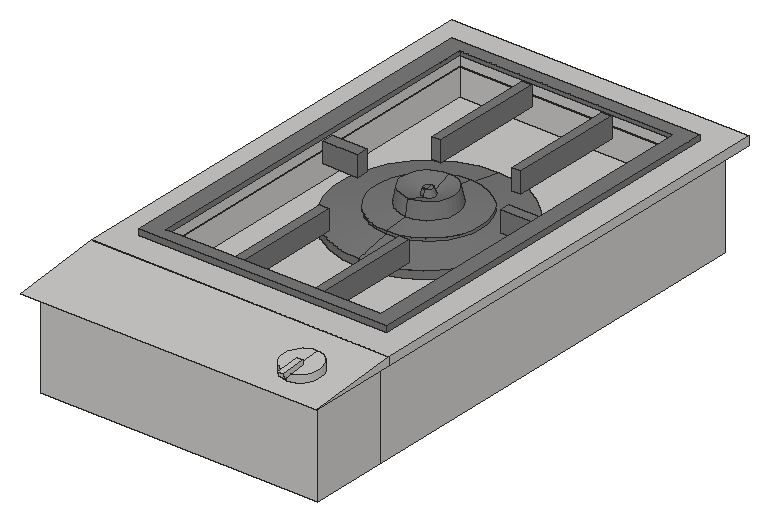
Revit family "VG231220CA", category Generic Models, Revit 2014
Parameters (values of type "VG231220CA")
  Width = 288 mm
  URL = "http://www.gaggenau.com."
  Model = "VG231220CA"
  Manufacturer = "Gaggenau"
  Height = 96.5 mm
  Unit = Metal Panel
  Description = "Gaggenau Vario 200 Series gas wok burner"
  Depth = 523 mm
  Burner = Black
Reference planes
  plane 1 "Center (Front/Back)": y = 0
  plane 2: z = 0
  plane 3 "Center (Left/Right)": x = 0
  plane 4: x = -144
  plane 5: x = 144
  plane 6: y = 261.5
  plane 7: y = -261.5
  plane 8: z = 96.5
  plane 9: z = 88
Forms (mm)
  Extrusion 1, solid, material "Metal Panel" <- "Unit"
    sketch origin (0, 0, 0) x (1, 0, 0) y (0, 1, 0)
      loop
        line (-144, 261.5) -> (-144, -174.435) -> (144, -174.435) -> (144, 261.5) -> (-144, 261.5)
      loop
        line (-104, 221.5) -> (-104, -134.435) -> (104, -134.435) -> (104, 221.5) -> (-104, 221.5)
    from 88 to 96.5
  Extrusion 2, solid, material "Metal Panel" <- "Unit"
    sketch origin (0, 0, 0) x (0, 1, 0) y (0, 0, 1)
      loop
        line (-174.435, 96.5) -> (-261.5, 88) -> (-174.435, 88) -> (-174.435, 96.5)
    from -144 to 144
  Extrusion 3, solid, material "Metal Panel" <- "Unit"
    sketch origin (0, 0, 0) x (0, 1, 0) y (0, 0, 1)
      loop
        line (-174.435, 88) -> (-174.435, 0) -> (243.918, 0) -> (243.918, 88) -> (-174.435, 88)
    from -133.509 to 134.942
  Extrusion 4, solid, material "Metal Panel" <- "Unit"
    sketch origin (0, 0, 0) x (0, 1, 0) y (0, 0, 1)
      loop
        line (-174.435, 0) -> (-174.435, 88) -> (-249.536, 88) -> (-249.536, 0) -> (-174.435, 0)
    from -133.509 to 134.942
  Extrusion 5, void
    sketch origin (0, 0, 0) x (1, 0, 0) y (0, 1, 0)
      loop
        line (-104, 221.5) -> (-104, -134.435) -> (104, -134.435) -> (104, 221.5) -> (-104, 221.5)
    from 60.845 to 131.994
  Revolve 6, solid, material "Black" <- "Burner"
    sketch origin (0, 0, 7.5) x (0, 1, 0) y (0, 0, 1)
      loop
        line (78.328, 86.511) -> (59.819, 79.775) -> (57.807, 85.303) -> (53.717, 85.303) -> (53.717, 52.726) -> (138.937, 52.726) -> (138.937, 60.845) -> (104.468, 66.922) -> (104.468, 69.377) -> (80.913, 71.853) -> (78.328, 86.511)
      axis (53.717, 52.726) -> (53.717, 86.511)
    angle from 0 to 360
  Extrusion 7, solid, material "Black" <- "Burner"
    sketch origin (0, 0, 0) x (1, 0, 0) y (0, 1, 0)
      loop
        line (-43.232, 221.5) -> (-43.232, 111.5) -> (-34.302, 111.5) -> (-34.302, 221.5) -> (-43.232, 221.5)
      loop
        line (43.232, 221.5) -> (34.629, 221.5) -> (34.629, 111.5) -> (43.232, 111.5) -> (43.232, 221.5)
      loop
        line (-43.232, -134) -> (-34.302, -134) -> (-34.302, -24) -> (-43.232, -24) -> (-43.232, -134)
      loop
        line (43.232, -134) -> (43.232, -24) -> (34.629, -24) -> (34.629, -134) -> (43.232, -134)
      loop
        line (-104, 65.274) -> (-104, 54.394) -> (-69, 54.394) -> (-69, 65.274) -> (-104, 65.274)
      loop
        line (104, 65.274) -> (69, 65.274) -> (69, 55.543) -> (104, 55.543) -> (104, 65.274)
    from 76.877 to 96.5
  Extrusion 8, solid, material "Black" <- "Burner"
    sketch origin (0, 0, 0) x (1, 0, 0) y (0, 1, 0)
      loop
        line (-104, 221.5) -> (-104, -134.435) -> (104, -134.435) -> (104, 221.5) -> (-104, 221.5)
      loop
        line (-120.968, 233.66) -> (-120.968, -146.34) -> (119.032, -146.34) -> (119.032, 233.66) -> (-120.968, 233.66)
    from 87.275 to 101.612
  Revolve 9, solid, material "Metal Panel" <- "Unit"
    sketch origin (100, 8.611, 18.146) x (0, 0.994972, 0.100156) y (0, -0.100156, 0.994972)
      loop
        line (-206.341, 96.5) -> (-206.341, 103.672) -> (-224.666, 103.672) -> (-224.666, 96.5) -> (-206.341, 96.5)
      axis (-224.666, 96.5) -> (-224.666, 103.672)
    angle from 0 to 360
  Extrusion 10, solid, material "Metal Panel" <- "Unit"
    sketch origin (97.5, 8.611, 18.146) x (0, 0.994972, 0.100156) y (0, -0.100156, 0.994972)
      loop
        line (-226.957, 103.672) -> (-226.957, 107.892) -> (-249.536, 107.892) -> (-249.536, 103.672) -> (-226.957, 103.672)
    from 0 to 5.773
Cuts and joins
  Extrusion 5 cuts Extrusion 1
  Extrusion 5 cuts Extrusion 3
Dimensions and locks
  equal spacing: plane 4, plane 3 "Center (Left/Right)", plane 5
  equal spacing: plane 6, plane 1 "Center (Front/Back)", plane 7
  "Width": plane 4 to plane 5
  "Depth": plane 6 to plane 7
  "Height": plane 8 to plane 2
  aligned and locked: level to plane 2
Automatic sketch dimensions
  Extrusion 2 sketch curve to plane 7 = 0 mm
  Extrusion 2 sketch curve to plane 9 = 0 mm
  Extrusion 2 sketch curve to plane 8 = 0 mm
  Extrusion 2 sketch curve to plane 7 = 87.065 mm
  Extrusion 1 sketch curve to plane 4 = 0 mm
  Extrusion 1 sketch curve to plane 5 = 0 mm
  Extrusion 1 sketch curve to plane 6 = 0 mm
  plane 4 to Extrusion 1 sketch curve = 40 mm
  plane 5 to Extrusion 1 sketch curve = 40 mm
  Extrusion 1 sketch curve to plane 6 = 40 mm
  plane 1 "Center (Front/Back)" to Extrusion 1 sketch curve = 134.435 mm
  Extrusion 1 sketch curve to Extrusion 1 sketch curve = 40 mm
  Extrusion 3 sketch curve to level = 0 mm
  Extrusion 3 sketch curve to plane 9 = 0 mm
  Extrusion 3 sketch curve to plane 6 = 17.582 mm
  Extrusion 3 sketch curve to plane 7 = 87.065 mm
  Extrusion 4 sketch curve to level = 0 mm
  Extrusion 4 sketch curve to plane 7 = 11.964 mm
  Extrusion 4 sketch curve to plane 9 = 0 mm
  Extrusion 4 sketch curve to plane 7 = 87.065 mm
  plane 4 to Extrusion 5 sketch curve = 40 mm
  plane 5 to Extrusion 5 sketch curve = 40 mm
  Extrusion 5 sketch curve to plane 7 = 127.065 mm
  Extrusion 5 sketch curve to plane 6 = 40 mm
  Revolve 6 sketch curve to plane 1 "Center (Front/Back)" = 53.717 mm
  plane 9 to Revolve 6 sketch curve = 4.803 mm
  Revolve 6 sketch curve to Revolve 6 sketch curve = 4.09 mm
  Revolve 6 sketch curve to plane 9 = 0.725 mm
  Revolve 6 sketch curve to Revolve 6 sketch curve = 2.012 mm
  plane 9 to Revolve 6 sketch curve = 6.011 mm
  Revolve 6 sketch curve to plane 9 = 8.647 mm
  Revolve 6 sketch curve to Revolve 6 sketch curve = 2.585 mm
  Revolve 6 sketch curve to Revolve 6 sketch curve = 23.556 mm
  Revolve 6 sketch curve to Revolve 6 sketch curve = 34.468 mm
  Revolve 6 sketch curve to plane 9 = 11.123 mm
  Revolve 6 sketch curve to Revolve 6 sketch curve = 2.455 mm
  Revolve 6 sketch curve to plane 9 = 19.655 mm
  Revolve 6 sketch curve to Revolve 6 sketch curve = 27.048 mm
  Revolve 6 sketch curve to Revolve 6 sketch curve = 0 mm
  Revolve 6 sketch curve to Revolve 6 sketch curve = 13.797 mm
  Revolve 6 sketch curve to Revolve 6 sketch curve = 9.432 mm
  plane 4 to Extrusion 7 sketch curve = 40 mm
  Extrusion 7 sketch curve to Extrusion 7 sketch curve = 35 mm  (x2)
  Extrusion 7 sketch curve to plane 3 "Center (Left/Right)" = 43.232 mm  (x2)
  Extrusion 7 sketch curve to Extrusion 7 sketch curve = 8.93 mm  (x2)
  plane 3 "Center (Left/Right)" to Extrusion 7 sketch curve = 34.629 mm  (x2)
  Extrusion 7 sketch curve to Extrusion 7 sketch curve = 8.603 mm  (x2)
  Extrusion 7 sketch curve to Extrusion 7 sketch curve = 25.768 mm
  Extrusion 7 sketch curve to plane 7 = 127.5 mm
  Extrusion 7 sketch curve to Extrusion 7 sketch curve = 0 mm
  plane 1 "Center (Front/Back)" to Extrusion 7 sketch curve = 24 mm  (x2)
  Extrusion 7 sketch curve to plane 1 "Center (Front/Back)" = 55.543 mm
  Extrusion 7 sketch curve to plane 1 "Center (Front/Back)" = 54.394 mm
  Extrusion 7 sketch curve to Extrusion 7 sketch curve = 10.88 mm
  Extrusion 7 sketch curve to Extrusion 7 sketch curve = 9.731 mm
  Extrusion 7 sketch curve to Extrusion 7 sketch curve = 46.226 mm  (x2)
  Extrusion 7 sketch curve to plane 6 = 40 mm  (x2)
  plane 4 to Extrusion 8 sketch curve = 23.032 mm
  Extrusion 8 sketch curve to Extrusion 8 sketch curve = 16.968 mm
  plane 5 to Extrusion 8 sketch curve = 40 mm
  Extrusion 8 sketch curve to Extrusion 8 sketch curve = 15.032 mm
  Extrusion 8 sketch curve to plane 7 = 115.16 mm
  Extrusion 8 sketch curve to Extrusion 8 sketch curve = 11.906 mm
  Extrusion 8 sketch curve to plane 6 = 40 mm
  Extrusion 8 sketch curve to Extrusion 8 sketch curve = 12.16 mm
  plane 9 to Revolve 9 sketch curve = 3.659 mm
  Revolve 9 sketch curve to plane 7 = 36.91 mm
  Revolve 9 sketch curve to Revolve 9 sketch curve = 18.325 mm
  Revolve 9 sketch curve to Revolve 9 sketch curve = 7.172 mm
  Revolve 9 sketch curve to Revolve 9 sketch curve = 0 mm  (x2)
  Revolve 9 sketch curve to Revolve 9 sketch curve = 2.893 mm
  Extrusion 10 sketch curve to plane 8 = 0.196 mm
  Extrusion 10 sketch curve to plane 7 = 11.447 mm
  Extrusion 10 sketch curve to Extrusion 10 sketch curve = 22.579 mm
  Extrusion 10 sketch curve to Extrusion 10 sketch curve = 4.22 mm
